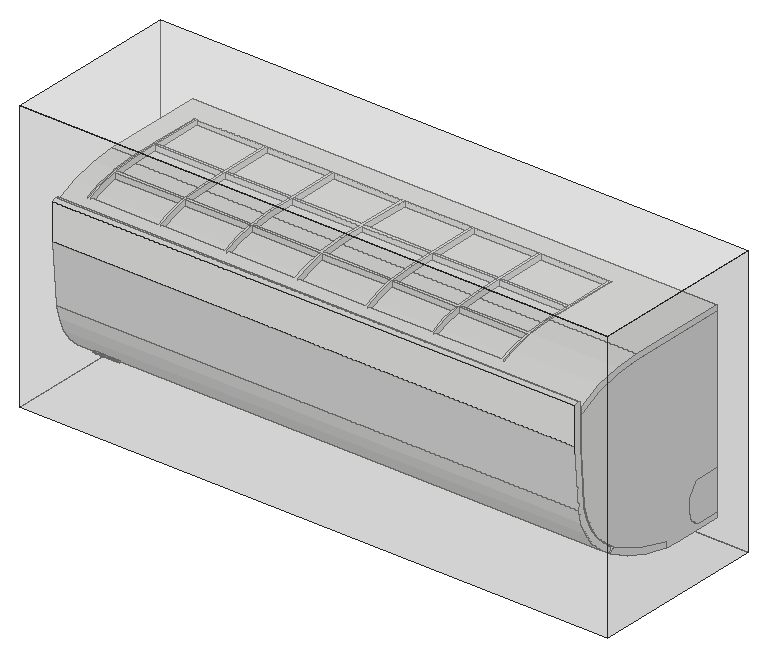
Revit family "outputfile", category 機械設備, Revit 2024
Family settings
  丸型コネクタ寸法 = 半径を使用
  パーツ タイプ = 標準
  OmniClass 番号 = 23.75.10.24.21.27.27
  OmniClass タイトル = Split System Air Conditioning Units
  作業面ベース = いいえ
  常に垂直 = はい
  ロード時にボイドで切り取り = いいえ
  注釈の向きを維持 = いいえ
  共有 = いいえ
  部屋計算ポイント = いいえ
Parameters (values of type "FXAQ25AVM")
  Description = ""
  製造元 = "Daikin"
  書き出し IFC クラス(タイプ) = "IfcUnitaryEquipmentType"
  定義済み IFC タイプ(タイプ) = "AIRCONDITIONINGUNIT"
  Cost = 0
  モデル = "FXAQ25AVM"
  Type Comments = ""
  Keynote = ""
  Type Image = (empty or 0)
  Assembly Code = ""
  w3_Indoor air flow = if(Width = 1050.0 mm, 109.0 mm, 1.0 mm)  # 1.0 mm
  w2_Indoor air flow = if(Width = 1050.0 mm, 103.0 mm, 98.0 mm)  # 98.0 mm
  w1_Indoor air flow = if(Width = 1050.0 mm, 108.0 mm, 103.0 mm)  # 103.0 mm
  r_Liquid Pipe Size = Liquid Pipe Size / 2  # 3.2 mm
  r_Gas Pipe Size = Gas Pipe Size / 2  # 6.35 mm
  r_Drain Pipe Size = Drain Pipe Size / 2  # 7.5 mm
  lw_powersupply [instance] = if(Width = 795.0 mm, if(or(Rear Right Connection_refrigerant, Bottom Right Connection_refrigerant), 83.0 mm, if(or(Rear Left Connection_refrigerant, Bottom Left Connection_refrigerant), 740.0 mm, 400.0 mm)), if(Width = 1050.0 mm, if(or(Rear Right Connection_refrigerant, Bottom Right Connection_refrigerant), 83.0 mm, if(or(Rear Left Connection_refrigerant, Bottom Left Connection_refrigerant), 712.0 mm + (1050.0 mm - 795.0 mm), 400.0 mm)), if(or(Rear Right Connection_refrigerant, Bottom Right Connection_refrigerant), 83.0 mm, if(or(Rear Left Connection_refrigerant, Bottom Left Connection_refrigerant), 712.0 mm, 400.0 mm))))  # 400.0 mm
  lw_liquidpipe [instance] = if(Width = 795.0 mm, if(or(Rear Right Connection_refrigerant, Bottom Right Connection_refrigerant), 0.0 mm, if(or(Rear Left Connection_refrigerant, Bottom Left Connection_refrigerant), 627.0 mm, 460.0 mm)), if(Width = 1050.0 mm, if(or(Rear Right Connection_refrigerant, Bottom Right Connection_refrigerant), 0.0 mm, if(or(Rear Left Connection_refrigerant, Bottom Left Connection_refrigerant), 627.0 mm + (1050.0 mm - 795.0 mm), 460.0 mm)), if(or(Rear Right Connection_refrigerant, Bottom Right Connection_refrigerant), 0.0 mm, if(or(Rear Left Connection_refrigerant, Bottom Left Connection_refrigerant), 627.0 mm, 460.0 mm))))  # 460.0 mm
  lw_gaspipe [instance] = if(Width = 795.0 mm, if(or(Rear Right Connection_refrigerant, Bottom Right Connection_refrigerant), 0.0 mm, if(or(Rear Left Connection_refrigerant, Bottom Left Connection_refrigerant), 620.0 mm, 415.0 mm)), if(Width = 1050.0 mm, if(or(Rear Right Connection_refrigerant, Bottom Right Connection_refrigerant), 0.0 mm, if(or(Rear Left Connection_refrigerant, Bottom Left Connection_refrigerant), 620.0 mm + (1050.0 mm - 795.0 mm), 415.0 mm)), if(or(Rear Right Connection_refrigerant, Bottom Right Connection_refrigerant), 0.0 mm, if(or(Rear Left Connection_refrigerant, Bottom Left Connection_refrigerant), 620.0 mm, 415.0 mm))))  # 415.0 mm
  lw_drainpipe [instance] = if(Width = 795.0 mm, if(or(Rear Right Connection_refrigerant, Bottom Right Connection_refrigerant), 0.0 mm, if(or(Rear Left Connection_refrigerant, Bottom Left Connection_refrigerant), 655.0 mm, 475.0 mm)), if(Width = 1050.0 mm, if(or(Rear Right Connection_refrigerant, Bottom Right Connection_refrigerant), 0.0 mm, if(or(Rear Left Connection_refrigerant, Bottom Left Connection_refrigerant), 655.0 mm + (1050.0 mm - 795.0 mm), 475.0 mm)), if(or(Rear Right Connection_refrigerant, Bottom Right Connection_refrigerant), 0.0 mm, if(or(Rear Left Connection_refrigerant, Bottom Left Connection_refrigerant), 655.0 mm, 475.0 mm))))  # 475.0 mm
  l_powersupply_length [instance] = if(Width = 795.0 mm, if(Right Connection_refrigerant, 400.0 mm, if(Left Connection_refrigerant, 395.0 mm, if(or(Rear Left Connection_refrigerant, Rear Right Connection_refrigerant), 15.0 mm, 50.0 mm))), if(Width = 1050.0 mm, if(Right Connection_refrigerant, 400.0 mm, if(Left Connection_refrigerant, 395.0 mm + (1050.0 mm - 795.0 mm), if(or(Rear Left Connection_refrigerant, Rear Right Connection_refrigerant), 15.0 mm, 50.0 mm))), if(Right Connection_refrigerant, 400.0 mm, if(Left Connection_refrigerant, 395.0 mm, if(or(Rear Left Connection_refrigerant, Rear Right Connection_refrigerant), 15.0 mm, 50.0 mm)))))  # 400.0 mm
  l_liquidpipe_length [instance] = if(Width = 795.0 mm, if(Right Connection_refrigerant, 558.0 mm, if(Left Connection_refrigerant, 237.0 mm, if(or(Rear Left Connection_refrigerant, Rear Right Connection_refrigerant), 30.0 mm, 40.0 mm))), if(Width = 1050.0 mm, if(Right Connection_refrigerant, 558.0 mm, if(Left Connection_refrigerant, 237.0 mm + (1050.0 mm - 795.0 mm), if(or(Rear Left Connection_refrigerant, Rear Right Connection_refrigerant), 30.0 mm, 40.0 mm))), if(Right Connection_refrigerant, 558.0 mm, if(Left Connection_refrigerant, 237.0 mm, if(or(Rear Left Connection_refrigerant, Rear Right Connection_refrigerant), 30.0 mm, 40.0 mm)))))  # 558.0 mm
  l_gaspipe_length [instance] = if(Width = 795.0 mm, if(Right Connection_refrigerant, 513.0 mm, if(Left Connection_refrigerant, 282.0 mm, if(or(Rear Left Connection_refrigerant, Rear Right Connection_refrigerant), 40.0 mm, 50.0 mm))), if(Width = 1050.0 mm, if(Right Connection_refrigerant, 513.0 mm, if(Left Connection_refrigerant, 282.0 mm + (1050.0 mm - 795.0 mm), if(or(Rear Left Connection_refrigerant, Rear Right Connection_refrigerant), 40.0 mm, 50.0 mm))), if(Right Connection_refrigerant, 513.0 mm, if(Left Connection_refrigerant, 282.0 mm, if(or(Rear Left Connection_refrigerant, Rear Right Connection_refrigerant), 40.0 mm, 50.0 mm)))))  # 513.0 mm
  l_drainpipe_length [instance] = if(Width = 795.0 mm, if(Right Connection_refrigerant, 573.0 mm, if(Left Connection_refrigerant, 222.0 mm, if(or(Rear Left Connection_refrigerant, Rear Right Connection_refrigerant), 15.0 mm, 20.0 mm))), if(Width = 1050.0 mm, if(Right Connection_refrigerant, 573.0 mm, if(Left Connection_refrigerant, 222.0 mm + (1050.0 mm - 795.0 mm), if(or(Rear Left Connection_refrigerant, Rear Right Connection_refrigerant), 15.0 mm, 20.0 mm))), if(Right Connection_refrigerant, 573.0 mm, if(Left Connection_refrigerant, 477.0 mm, if(or(Rear Left Connection_refrigerant, Rear Right Connection_refrigerant), 15.0 mm, 20.0 mm)))))  # 573.0 mm
  h*** = 0.0 mm  # constant formula
  d1_Indoor air flow = if(Width = 1050.0 mm, 38.0 mm, 35.0 mm)  # 35.0 mm
  angle_vertical [instance] = if(or(Bottom Left Connection_refrigerant, Bottom Right Connection_refrigerant), 0.00°, 90.00°)  # 90.00°
  angle_horizontal [instance] = if(Right Connection_refrigerant, 90.00°, if(Left Connection_refrigerant, -90.00°, if(or(Rear Left Connection_refrigerant, Rear Right Connection_refrigerant), 180.00°, 0.00°)))  # 90.00°
  Width = 795.0 mm
  Voltage_comment_60Hz = "220-230"
  Voltage_comment_50Hz = "220-240"
  Voltage_60Hz = 220 V
  Voltage_50Hz = 230 V
  Version = "ver.1.0"
  Unit Type = "Wall Mounted Type"
  Unit Mass Weight = 12.00 kg
  Unit Designation [instance] = ""
  Uniclass2015Version = "Products v1.30"
  Uniclass2015Title = "Variable refrigerant flow units"
  Uniclass2015Code = "Pr_70_65_03_94"
  URL = ""
  Total Heating Capacity [instance] = 0.000 kW
  Total Cooling Capacity [instance] = 0.000 kW
  Sound Pressure Level_M speed (dBA) = 0
  Sound Pressure Level_L speed (dBA) = 28.5
  Sound Pressure Level_H speed (dBA) = 35
  Sound Power Level_H speed (dB) = 0
  Series = "VRV Fan Coil Unit"
  Sensible Cooling Capacity [instance] = 0.000 kW
  Refrigerant Type = "R410A"
  Power Input (Heating) = 0.040 kW
  Power Input (Cooling) = 0.040 kW
  Phase_60Hz = 1
  Phase_50Hz = 1
  Option Accessory 3 [instance] = ""
  Option Accessory 2 [instance] = ""
  Option Accessory 1 [instance] = ""
  Nominal Heating Capacity = 3.200 kW
  Nominal Cooling Capacity = 2.800 kW
  Minimum Circuit Amps_60Hz = 0.6 A
  Minimum Circuit Amps_50Hz = 0.6 A
  Minimum Airflow = 420.00 m³/h
  Median Airflow = 0.00 m³/h
  Maximum Fuse Amps_60Hz = 15.0 A
  Maximum Fuse Amps_50Hz = 15.0 A
  Maximum Airflow = 564.00 m³/h
  Material_Casing = DAIKIN_White_Casing_indoorunit
  Load Classification = HVAC
  Liquid Pipe Size = 6.4 mm
  Link_Nested Family [instance] = ""
  IfcVersion = "0"
  IfcExportType = "AIRCONDITIONINGUNIT"
  IfcExportAs = "IfcUnitaryEquipmentType"
  Height = 290.0 mm
  Heating Entering Wet Bulb Temperature [instance] = 0.00 °C
  Heating Entering Dry Bulb Temperature [instance] = 0.00 °C
  Heating Ambient Wet Bulb Temperature [instance] = 0.00 °C
  Heating Ambient Dry Bulb Temperature [instance] = 0.00 °C
  Heat Exchanger Type = "Cross Fin Coil"
  Gas Pipe Size = 12.7 mm
  Frequency_60Hz = 60 Hz
  Frequency_50Hz = 50 Hz
  Fan Type = "Cross Flow Fan"
  Fan Drive = "Direct Drive"
  FCU Tag No. [instance] = ""
  Drain Pipe Size = 15.0 mm
  Design Supply Airflow [instance] = 0.00 m³/h
  Depth = 266.0 mm
  既定の高さ = 0.0 mm
  Cooling Entering Wet Bulb Temperature [instance] = 0.00 °C
  Cooling Entering Dry Bulb Temperature [instance] = 0.00 °C
  Cooling Ambient Wet Bulb Temperature [instance] = 0.00 °C
  Cooling Ambient Dry Bulb Temperature [instance] = 0.00 °C
  Clearance visibility [instance] = yes
  Clearance Top = 90.0 mm
  Clearance Right = 50.0 mm
  Clearance Rear = 0.0 mm
  Clearance Left = 50.0 mm
  Clearance Front = 0.0 mm
  Clearance Bottom = 30.0 mm
  Bottom Right Connection_refrigerant [instance] = no
  Bottom Left Connection_refrigerant [instance] = no
  Rear Right Connection_refrigerant [instance] = no
  Rear Left Connection_refrigerant [instance] = no
  Right Connection_refrigerant [instance] = yes
  Left Connection_refrigerant [instance] = no
Reference planes
  plane 1 "Back": y = 0
  plane 2: z = 0
  plane 3 "Center (Left/Right)": x = 0
  plane 4 "Center (Front/Back)": y = -133
  plane 5 "Front": y = -266
  plane 6 "Left": x = -397.5
  plane 7 "Right": x = 397.5
  plane 8 "Top": z = 0
  plane 9 "Bottom": z = -290
  plane 10 "Front panel_Left": x = -395.5
  plane 11 "Front panel_Right": x = 395.5
  plane 12: x = 261.5
  plane 13: x = 256.5
  plane 14: x = -445.5
  plane 15: x = 445.5
  plane 16: y = 0
  plane 17: y = -266
  plane 18: z = 90
  plane 19: z = -320
  plane 20: y = -35
  plane 21: y = -111.5
  plane 22: y = -187.5
  plane 23: y = -237
  plane 24: y = -115
  plane 25: y = -191
  plane 26: x = -50
  plane 27: x = -52
  plane 28: x = -48
  plane 29: x = 55
  plane 30: x = -155
  plane 31: x = -158
  plane 32: x = 58
  plane 33: x = -256
  plane 34: x = 156
  plane 35: x = -259
  plane 36: x = 159
  plane 37: x = -362
  plane 38: x = 262
  plane 39: x = -365
  plane 40: x = 265
  plane 41: x = 266
  plane 42: x = -366
  plane 43 "lw_Piping and Wiring intake": x = 299.5
  plane 44 "lw_gaspipe": x = -115.5
  plane 45 "lw_liquidpipe": x = -160.5
  plane 46 "lw_drainpipe": x = -175.5
  plane 47 "lh_drainpipe": z = -270
  plane 48 "lh_liquidpipe": z = -250
  plane 49 "lh_gaspipe": z = -240
  plane 50 "ld_drainpipe": y = -15
  plane 51 "ld_liquidpipe": y = -30
  plane 52 "ld_gaspipe": y = -40
  plane 53 "lw_powersupply": x = -2.5
Forms (mm)
  Extrusion 1, solid, material "DAIKIN_White_Casing_indoorunit" <- "Material_Casing"
    sketch origin (0, 0, 0) x (0, 1, 0) y (0, 0, 1)
      loop
        line (0, 0) -> (-151.682, 0)
        arc (-151.682, 0) -> (-205.302, -6.828) -> (-255.5, -26.876) r 213.958
        line (-255.5, -26.876) -> (-255.5, -36.08)
        arc (-255.5, -36.08) -> (-205.456, -15.144) -> (-151.682, -8) r 205.958
        line (-151.682, -8) -> (0, -8) -> (0, 0)
    from -397.5 to 397.5
  Extrusion 2, solid, material "DAIKIN_White_Casing_indoorunit" <- "Material_Casing"
    sketch origin (0, 0, 0) x (0, 1, 0) y (0, 0, 1)
      loop
        arc (-151.682, -8) -> (-205.456, -15.144) -> (-255.5, -36.08) r 205.958
        line (-255.5, -36.08) -> (-255.5, -86.08)
        arc (-255.5, -86.08) -> (-253.87, -125.667) -> (-248.99, -164.986) r 481.435
        arc (-248.99, -164.986) -> (-230.945, -209.78) -> (-195.65, -242.741) r 111.486
        arc (-195.65, -242.741) -> (-147.09, -265.96) -> (-95.247, -280.433) r 310.126
        line (-95.247, -280.433) -> (-95.247, -288.232)
        arc (-95.247, -288.232) -> (-84.534, -289.557) -> (-73.748, -290) r 131.592
        line (-73.748, -290) -> (0, -290) -> (0, -8) -> (-151.682, -8)
    from -397.5 to 397.5
  Extrusion 3, solid, material "DAIKIN_White_Casing_indoorunit" <- "Material_Casing"
    sketch origin (397.5, 1296.25, 1200) x (0, 1, 0) y (0, 0, 1)
      loop
        line (-1491.901, -1442.741) -> (-1496.494, -1450.482)
        arc (-1496.494, -1450.482) -> (-1447.058, -1474.911) -> (-1393.497, -1488.023) r 252.452
        line (-1393.497, -1488.023) -> (-1393.497, -1480.051)
        arc (-1393.497, -1480.051) -> (-1444.293, -1465.6) -> (-1491.901, -1442.741) r 310.126
    from 0 to -40.5
  Extrusion 4, solid, material "DAIKIN_White_Casing_indoorunit" <- "Material_Casing"
    sketch origin (0, 0, 0) x (0, 1, 0) y (0, 0, 1)
      loop
        line (-257, -76.896) -> (-257, -19.457) -> (-258.688, -19.457)
        arc (-258.688, -19.457) -> (-262.551, -20.17) -> (-266, -22.048) r 12.48
        line (-266, -22.048) -> (-266, -76.896) -> (-257, -76.896)
    from -395.5 to 395.5
  Extrusion 5, solid, material "DAIKIN_White_Casing_indoorunit" <- "Material_Casing"
    sketch origin (0, 0, 0) x (0, 1, 0) y (0, 0, 1)
      loop
        arc (-266, -76.896) -> (-264.342, -121.828) -> (-259.378, -166.517) r 609.735
        line (-259.378, -166.517) -> (-250.471, -165.192)
        arc (-250.471, -165.192) -> (-255.366, -121.165) -> (-257, -76.896) r 600.314
        line (-257, -76.896) -> (-266, -76.896)
    from -395.5 to 395.5
  Extrusion 6, solid, material "DAIKIN_White_Casing_indoorunit" <- "Material_Casing"
    sketch origin (0, 0, 0) x (0, 1, 0) y (0, 0, 1)
      loop
        arc (-259.378, -166.517) -> (-240.331, -214.672) -> (-201.947, -249.433) r 114
        line (-201.947, -249.433) -> (-197.324, -241.643)
        arc (-197.324, -241.643) -> (-232.845, -209.638) -> (-250.471, -165.192) r 104.894
        line (-250.471, -165.192) -> (-259.378, -166.517)
    from -395.5 to 395.5
  Extrusion 7, solid, material "DAIKIN_White_Casing_indoorunit" <- "Material_Casing"
    sketch origin (-397.5, 1296.25, 1200) x (0, 1, 0) y (0, 0, 1)
      loop
        arc (-1496.494, -1450.482) -> (-1447.058, -1474.911) -> (-1393.497, -1488.023) r 252.452
        line (-1393.497, -1488.023) -> (-1393.497, -1480.051)
        arc (-1393.497, -1480.051) -> (-1444.293, -1465.6) -> (-1491.901, -1442.741) r 310.126
        line (-1491.901, -1442.741) -> (-1496.494, -1450.482)
    from 0 to 40.5
  Extrusion 8, solid, material "DAIKIN_White_Casing_indoorunit" <- "Material_Casing"
    sketch origin (0, 0, 0) x (0, 1, 0) y (0, 0, 1)
      loop
        arc (-133.049, -280.649) -> (-115.282, -284.985) -> (-97.247, -288.023) r 252.452
        line (-97.247, -288.023) -> (-97.247, -280.051)
        arc (-97.247, -280.051) -> (-113.907, -276.335) -> (-130.338, -271.708) r 310.126
        line (-130.338, -271.708) -> (-133.049, -280.649)
    from -357 to 357
  Extrusion 9, solid, material "DAIKIN_White_Casing_indoorunit" <- "Material_Casing"
    sketch origin (261.5, -1524, 1789.769) x (0, 0, 1) y (0, -1, 0)
      loop
        line (-2032.51, -1328.35) -> (-2040.251, -1323.756)
        arc (-2040.251, -1323.756) -> (-2050.358, -1341.058) -> (-2059.061, -1359.107) r 252.452
        line (-2059.061, -1359.107) -> (-2050.603, -1364.126)
        arc (-2050.603, -1364.126) -> (-2042.135, -1345.945) -> (-2032.51, -1328.35) r 310.126
    from 0 to 95.5
  Extrusion 10, solid, material "DAIKIN_White_Casing_indoorunit" <- "Material_Casing"
    sketch origin (261.5, -1524, 1789.769) x (0, 0, 1) y (0, -1, 0)
      loop
        arc (-2059.061, -1359.107) -> (-2065.273, -1374.839) -> (-2070.418, -1390.951) r 252.452
        line (-2070.418, -1390.951) -> (-2061.477, -1393.662)
        arc (-2061.477, -1393.662) -> (-2056.415, -1378.756) -> (-2050.603, -1364.126) r 310.126
        line (-2050.603, -1364.126) -> (-2059.061, -1359.107)
    from 0 to 95.5
  Extrusion 11, solid, material "DAIKIN_White_Casing_indoorunit" <- "Material_Casing"
    sketch origin (256.5, -1524, 1089.438) x (0, 0, 1) y (0, -1, 0)
      loop
        arc (-1350.272, -1364.126) -> (-1341.805, -1345.945) -> (-1332.179, -1328.35) r 310.126
        line (-1332.179, -1328.35) -> (-1339.92, -1323.756)
        arc (-1339.92, -1323.756) -> (-1350.027, -1341.058) -> (-1358.73, -1359.107) r 252.452
        line (-1358.73, -1359.107) -> (-1350.272, -1364.126)
    from 0 to -613.5
  Extrusion 12, solid, material "DAIKIN_White_Casing_indoorunit" <- "Material_Casing"
    sketch origin (256.5, -1524, 1089.438) x (0, 0, 1) y (0, -1, 0)
      loop
        arc (-1361.147, -1393.662) -> (-1356.085, -1378.756) -> (-1350.272, -1364.126) r 310.126
        line (-1350.272, -1364.126) -> (-1358.73, -1359.107)
        arc (-1358.73, -1359.107) -> (-1364.943, -1374.839) -> (-1370.087, -1390.951) r 252.452
        line (-1370.087, -1390.951) -> (-1361.147, -1393.662)
    from 0 to -613.5
  Extrusion 13, void
    sketch origin (0, 0, 0) x (-1, 0, 0) y (0, -1, 0)
      loop
        line (48, 35) -> (48, 111.5) -> (-55, 111.5) -> (-55, 35) -> (48, 35)
      loop
        line (-58, 35) -> (-58, 111.5) -> (-156, 111.5) -> (-156, 35) -> (-58, 35)
      loop
        line (-159, 35) -> (-159, 111.5) -> (-262, 111.5) -> (-262, 35) -> (-159, 35)
      loop
        line (-265, 35) -> (-265, 111.5) -> (-266, 111.5) -> (-266, 35) -> (-265, 35)
      loop
        line (155, 35) -> (155, 111.5) -> (52, 111.5) -> (52, 35) -> (155, 35)
      loop
        line (-265, 115) -> (-265, 187.5) -> (-266, 187.5) -> (-266, 115) -> (-265, 115)
      loop
        line (-265, 191) -> (-265, 237) -> (-266, 237) -> (-266, 191) -> (-265, 191)
      loop
        line (-159, 237) -> (-262, 237) -> (-262, 191) -> (-159, 191) -> (-159, 237)
      loop
        line (-58, 237) -> (-156, 237) -> (-156, 191) -> (-58, 191) -> (-58, 237)
      loop
        line (-55, 191) -> (48, 191) -> (48, 237) -> (-55, 237) -> (-55, 191)
      loop
        line (155, 237) -> (52, 237) -> (52, 191) -> (155, 191) -> (155, 237)
      loop
        line (256, 237) -> (158, 237) -> (158, 191) -> (256, 191) -> (256, 237)
      loop
        line (362, 237) -> (259, 237) -> (259, 191) -> (362, 191) -> (362, 237)
      loop
        line (158, 35) -> (256, 35) -> (256, 111.5) -> (158, 111.5) -> (158, 35)
      loop
        line (259, 35) -> (362, 35) -> (362, 111.5) -> (259, 111.5) -> (259, 35)
      loop
        line (362, 115) -> (362, 187.5) -> (259, 187.5) -> (259, 115) -> (362, 115)
      loop
        line (256, 115) -> (256, 187.5) -> (158, 187.5) -> (158, 115) -> (256, 115)
      loop
        line (155, 115) -> (155, 187.5) -> (52, 187.5) -> (52, 115) -> (155, 115)
      loop
        line (48, 115) -> (48, 187.5) -> (-55, 187.5) -> (-55, 115) -> (48, 115)
      loop
        line (-58, 115) -> (-58, 187.5) -> (-156, 187.5) -> (-156, 115) -> (-58, 115)
      loop
        line (-159, 115) -> (-159, 187.5) -> (-262, 187.5) -> (-262, 115) -> (-159, 115)
      loop
        line (365, 35) -> (366, 35) -> (366, 111.5) -> (365, 111.5) -> (365, 35)
      loop
        line (366, 115) -> (366, 187.5) -> (365, 187.5) -> (365, 115) -> (366, 115)
      loop
        line (366, 237) -> (365, 237) -> (365, 191) -> (366, 191) -> (366, 237)
    from 2 to -30
  Extrusion 14, solid, material "DAIKIN_White_Casing_indoorunit" <- "Material_Casing"
    sketch origin (0, 0, 0) x (1, 0, 0) y (0, 0, 1)
      loop
        circle (299.5, -246) r 40
      loop
        circle (-337.5, -246) r 40
    from 0 to 5
  Extrusion 15, solid, material "DAIKIN_White_Casing_indoorunit" <- "Material_Casing"
    sketch origin (397.5, 1296.25, 1200) x (0, -1, 0) y (0, 0, 1)
      loop
        line (1326.25, -1422) -> (1296.25, -1422) -> (1296.25, -1482) -> (1326.25, -1482)
        arc (1326.25, -1482) -> (1340.393, -1476.142) -> (1346.25, -1462) r 20
        line (1346.25, -1462) -> (1346.25, -1442)
        arc (1346.25, -1442) -> (1340.393, -1427.858) -> (1326.25, -1422) r 20
    from 0 to 5
  Extrusion 16, solid, material "DAIKIN_White_Casing_indoorunit" <- "Material_Casing"
    sketch origin (-397.5, 1296.25, 1200) x (0, 1, 0) y (0, 0, 1)
      loop
        line (-1296.25, -1422) -> (-1326.25, -1422)
        arc (-1326.25, -1422) -> (-1340.393, -1427.858) -> (-1346.25, -1442) r 20
        line (-1346.25, -1442) -> (-1346.25, -1462)
        arc (-1346.25, -1462) -> (-1340.393, -1476.142) -> (-1326.25, -1482) r 20
        line (-1326.25, -1482) -> (-1296.25, -1482) -> (-1296.25, -1422)
    from 0 to 5
  Extrusion 17, solid, material "DAIKIN_White_Casing_indoorunit" <- "Material_Casing"
    sketch origin (0, 0, -290) x (-1, 0, 0) y (0, -1, 0)
      loop
        line (-269.5, 0) -> (-269.5, 30)
        arc (-269.5, 30) -> (-275.358, 44.142) -> (-289.5, 50) r 20
        line (-289.5, 50) -> (-309.5, 50)
        arc (-309.5, 50) -> (-323.642, 44.142) -> (-329.5, 30) r 20
        line (-329.5, 30) -> (-329.5, 0) -> (-269.5, 0)
      loop
        line (367.5, 0) -> (367.5, 30)
        arc (367.5, 30) -> (361.642, 44.142) -> (347.5, 50) r 20
        line (347.5, 50) -> (327.5, 50)
        arc (327.5, 50) -> (313.358, 44.142) -> (307.5, 30) r 20
        line (307.5, 30) -> (307.5, 0) -> (367.5, 0)
    from 0 to 5
Cuts and joins
  joined: Extrusion 4, Extrusion 5, Extrusion 6
  joined: Extrusion 3, Extrusion 7, Extrusion 8
  Extrusion 13 cuts Extrusion 1
Lines and regions (mm)
  reference lines
    curve 1: line (-395.5, -227.394, -229.966) -> (-395.5, -220.117, -236.824)
Dimensions and locks
  equal spacing: plane 6 "Left", plane 3 "Center (Left/Right)", plane 7 "Right"
  "Width": plane 6 "Left" to plane 7 "Right"
  equal spacing: plane 5 "Front", plane 4 "Center (Front/Back)", plane 1 "Back"
  "Depth": plane 5 "Front" to plane 1 "Back"
  "Height": plane 8 "Top" to plane 9 "Bottom"
  locked: Extrusion 1 sketch curve to Extrusion 1 sketch curve at 8
  locked: Extrusion 2 sketch curve to plane 1 "Back" at 73.748
  locked: Extrusion 3 sketch curve to plane 1 "Back" at 97.247
  locked: Extrusion 4 sketch curve to Extrusion 4 sketch curve at 9
  locked: plane 8 "Top" to Extrusion 4 sketch curve at 19.457
  locked: plane 5 "Front" to Extrusion 6 sketch curve at 6.622
  locked: plane 5 "Front" to Extrusion 6 sketch curve at 15.529
  locked: plane 10 "Front panel_Left" to plane 6 "Left" at 2
  locked: plane 7 "Right" to plane 11 "Front panel_Right" at 2
  locked: cut or joined group of Extrusion 3, Extrusion 7, Extrusion 8 to Extrusion 9 sketch curve at 40
  locked: plane 7 "Right" to plane 12 at 136
  locked: plane 12 to plane 13 at 5
  "Clearance Left": plane 14 to plane 10 "Front panel_Left"
  "Clearance Right": plane 11 "Front panel_Right" to plane 15
  "Clearance Rear": plane 16 to plane 1 "Back"
  "Clearance Front": plane 17 to plane 5 "Front"
  "Clearance Top": plane 18 to plane 8 "Top"
  "Clearance Bottom": plane 9 "Bottom" to plane 19
  locked: nested 2 to plane 10 "Front panel_Left" at 50
  "d1_Indoor air flow": plane 20 to plane 1 "Back"
  locked: plane 20 to plane 21 at 76.5
  locked: plane 21 to plane 24 at 3.5
  locked: plane 24 to plane 22 at 72.5
  locked: plane 22 to plane 25 at 3.5
  locked: plane 25 to plane 23 at 46
  locked: plane 26 to plane 3 "Center (Left/Right)" at 50
  equal spacing: plane 27, plane 26, plane 28
  locked: plane 27 to plane 28 at 4
  "w1_Indoor air flow": plane 28 to plane 29
  "w1_Indoor air flow": plane 30 to plane 27
  locked: plane 31 to plane 30 at 3
  locked: plane 29 to plane 32 at 3
  "w2_Indoor air flow": plane 33 to plane 31
  "w2_Indoor air flow": plane 32 to plane 34
  locked: plane 35 to plane 33 at 3
  locked: plane 34 to plane 36 at 3
  locked: plane 37 to plane 35 at 103
  locked: plane 36 to plane 38 at 103
  locked: plane 39 to plane 37 at 3
  locked: plane 38 to plane 40 at 3
  "w3_Indoor air flow": plane 40 to plane 41
  "w3_Indoor air flow": plane 42 to plane 39
  locked: plane 9 "Bottom" to Extrusion 14 sketch curve at 44  (x2)
  locked: Extrusion 14 sketch curve to plane 6 "Left" at 60
  locked: plane 7 "Right" to Extrusion 14 sketch curve at 98
  locked: plane 43 "lw_Piping and Wiring intake" to plane 7 "Right" at 98
  "lw_gaspipe": plane 44 "lw_gaspipe" to plane 43 "lw_Piping and Wiring intake"
  "lw_liquidpipe": plane 45 "lw_liquidpipe" to plane 43 "lw_Piping and Wiring intake"
  "lw_drainpipe": plane 46 "lw_drainpipe" to plane 43 "lw_Piping and Wiring intake"
  locked: plane 47 "lh_drainpipe" to plane 9 "Bottom" at 20
  locked: plane 48 "lh_liquidpipe" to plane 9 "Bottom" at 40
  locked: plane 49 "lh_gaspipe" to plane 9 "Bottom" at 50
  locked: plane 50 "ld_drainpipe" to plane 1 "Back" at 15
  locked: plane 1 "Back" to plane 51 "ld_liquidpipe" at 30
  locked: plane 1 "Back" to plane 52 "ld_gaspipe" at 40
  Extrusion 15 sketch curve to Extrusion 15 sketch curve to plane 9 "Bottom" = 60.0 mm locked, 8.0 mm locked
  locked: Extrusion 15 sketch curve to Extrusion 15 sketch curve at 50
  locked: Extrusion 17 sketch curve to Extrusion 17 sketch curve at 60  (x2)
  locked: Extrusion 17 sketch curve to Extrusion 17 sketch curve at 50
  locked: Extrusion 17 sketch curve to plane 43 "lw_Piping and Wiring intake" at 30
  locked: plane 6 "Left" to Extrusion 17 sketch curve at 30
  "lw_powersupply": plane 53 "lw_powersupply" to plane 7 "Right"
  radius of Extrusion 5 sketch curve = 609.735 mm
  radius of Extrusion 5 sketch curve = 600.314 mm
  aligned and locked: level to plane 2
  aligned and locked: plane 8 "Top" to Extrusion 1 sketch curve
  aligned and locked: plane 1 "Back" to Extrusion 1 sketch curve
  aligned and locked: Extrusion 1 to plane 6 "Left"
  aligned and locked: plane 7 "Right" to Extrusion 1
  aligned and locked: Extrusion 2 sketch curve to Extrusion 1
  aligned and locked: Extrusion 1 to Extrusion 2 sketch curve
  aligned and locked: plane 1 "Back" to Extrusion 2 sketch curve
  aligned and locked: Extrusion 2 sketch curve to plane 9 "Bottom"
  aligned and locked: Extrusion 2 to plane 6 "Left"
  aligned and locked: plane 7 "Right" to Extrusion 2
  aligned and locked: Extrusion 3 sketch curve to Extrusion 2
  aligned and locked: plane 5 "Front" to Extrusion 4 sketch curve
  aligned and locked: Extrusion 5 sketch curve to Extrusion 4
  aligned and locked: Extrusion 6 sketch curve to Extrusion 5
  aligned and locked: cut or joined group of Extrusion 4, Extrusion 5, Extrusion 6 to plane 11 "Front panel_Right"  (x3)
  aligned and locked: plane 10 "Front panel_Left" to cut or joined group of Extrusion 4, Extrusion 5, Extrusion 6  (x3)
  aligned and locked: Extrusion 7 sketch curve to Extrusion 3  (x4)
  aligned and locked: Extrusion 8 sketch curve to Extrusion 3  (x3)
  aligned and locked: Extrusion 8 to Extrusion 3
  aligned and locked: Extrusion 8 to Extrusion 7
  aligned and locked: Extrusion 9 sketch curve to cut or joined group of Extrusion 3, Extrusion 7, Extrusion 8  (x3)
  aligned and locked: Extrusion 10 sketch curve to cut or joined group of Extrusion 3, Extrusion 7, Extrusion 8  (x3)
  aligned and locked: Extrusion 10 sketch curve to Extrusion 9
  aligned and locked: Extrusion 9 to cut or joined group of Extrusion 3, Extrusion 7, Extrusion 8
  aligned and locked: Extrusion 10 to cut or joined group of Extrusion 3, Extrusion 7, Extrusion 8
  aligned and locked: Extrusion 11 sketch curve to Extrusion 9  (x4)
  aligned and locked: Extrusion 11 to cut or joined group of Extrusion 3, Extrusion 7, Extrusion 8
  aligned and locked: Extrusion 12 sketch curve to Extrusion 10  (x4)
  aligned and locked: Extrusion 12 to cut or joined group of Extrusion 3, Extrusion 7, Extrusion 8
  aligned and locked: plane 16 to nested 1
  aligned and locked: nested 1 to plane 17
  aligned and locked: plane 14 to nested 1
  aligned and locked: plane 15 to nested 1
  aligned and locked: plane 19 to nested 1
  aligned and locked: plane 18 to nested 1
  aligned and locked: nested 2 to curve 1
  aligned and locked: Extrusion 13 sketch curve to plane 20  (x5)
  aligned and locked: plane 28 to Extrusion 13 sketch curve  (x2)
  aligned and locked: plane 21 to Extrusion 13 sketch curve  (x5)
  aligned and locked: Extrusion 13 sketch curve to plane 29  (x2)
  aligned and locked: plane 32 to Extrusion 13 sketch curve  (x2)
  aligned and locked: Extrusion 13 sketch curve to plane 34  (x2)
  aligned and locked: plane 36 to Extrusion 13 sketch curve  (x2)
  aligned and locked: Extrusion 13 sketch curve to plane 38  (x2)
  aligned and locked: plane 40 to Extrusion 13 sketch curve  (x3)
  aligned and locked: Extrusion 13 sketch curve to plane 41  (x3)
  aligned and locked: plane 30 to Extrusion 13 sketch curve  (x2)
  aligned and locked: Extrusion 13 sketch curve to plane 27  (x2)
  aligned and locked: Extrusion 13 sketch curve to plane 24  (x8)
  aligned and locked: plane 22 to Extrusion 13 sketch curve  (x8)
  aligned and locked: Extrusion 13 sketch curve to plane 25
  aligned and locked: plane 23 to Extrusion 13 sketch curve
  aligned and locked: Extrusion 13 sketch curve to plane 23  (x7)
  aligned and locked: Extrusion 13 sketch curve to plane 36
  aligned and locked: plane 25 to Extrusion 13 sketch curve  (x7)
  aligned and locked: plane 38 to Extrusion 13 sketch curve
  aligned and locked: Extrusion 13 sketch curve to plane 32
  aligned and locked: plane 34 to Extrusion 13 sketch curve
  aligned and locked: plane 29 to Extrusion 13 sketch curve
  aligned and locked: Extrusion 13 sketch curve to plane 28
  aligned and locked: Extrusion 13 sketch curve to plane 30
  aligned and locked: plane 27 to Extrusion 13 sketch curve
  aligned and locked: Extrusion 13 sketch curve to plane 33  (x2)
  aligned and locked: plane 31 to Extrusion 13 sketch curve  (x2)
  aligned and locked: Extrusion 13 sketch curve to plane 37  (x2)
  aligned and locked: plane 35 to Extrusion 13 sketch curve  (x2)
  aligned and locked: plane 20 to Extrusion 13 sketch curve  (x3)
  aligned and locked: Extrusion 13 sketch curve to plane 21  (x3)
  aligned and locked: plane 37 to Extrusion 13 sketch curve
  aligned and locked: Extrusion 13 sketch curve to plane 35
  aligned and locked: plane 33 to Extrusion 13 sketch curve
  aligned and locked: Extrusion 13 sketch curve to plane 31
  aligned and locked: plane 39 to Extrusion 13 sketch curve  (x2)
  aligned and locked: Extrusion 13 sketch curve to plane 42  (x2)
  aligned and locked: plane 42 to Extrusion 13 sketch curve
  aligned and locked: Extrusion 13 sketch curve to plane 39
  aligned and locked: plane 1 "Back" to Extrusion 15 sketch curve
  aligned and locked: Extrusion 16 sketch curve to Extrusion 15  (x4)
  aligned and locked: Extrusion 17 sketch curve to Extrusion 17 sketch curve  (x2)
  aligned and locked: plane 1 "Back" to Extrusion 17 sketch curve
  aligned and locked: plane 44 "lw_gaspipe" to nested 3
  aligned and locked: nested 3 to plane 52 "ld_gaspipe"
  aligned and locked: plane 45 "lw_liquidpipe" to nested 4
  aligned and locked: nested 4 to plane 51 "ld_liquidpipe"
  aligned and locked: plane 46 "lw_drainpipe" to nested 5
  aligned and locked: nested 5 to plane 50 "ld_drainpipe"
  aligned and locked: nested 6 to plane 50 "ld_drainpipe"
  aligned and locked: plane 53 "lw_powersupply" to nested 6
  aligned and locked: level to plane 8 "Top"
Automatic sketch dimensions
  Extrusion 1 sketch curve to plane 8 "Top" = 0.0 mm
  Extrusion 1 sketch curve to plane 4 "Center (Front/Back)" = 18.682 mm
  Extrusion 1 sketch curve to Extrusion 1 sketch curve = 9.205 mm
  Extrusion 1 sketch curve to Extrusion 1 sketch curve = 0.0 mm  (x3)
  Extrusion 1 sketch curve to plane 5 "Front" = 10.5 mm
  Extrusion 2 sketch curve to plane 4 "Center (Front/Back)" = 6.011 mm
  plane 9 "Bottom" to Extrusion 2 sketch curve = 9.567 mm
  Extrusion 2 sketch curve to Extrusion 2 sketch curve = 21.499 mm
  plane 1 "Back" to Extrusion 2 sketch curve = 38.095 mm
  Extrusion 2 sketch curve to plane 8 "Top" = 86.08 mm
  Extrusion 2 sketch curve to Extrusion 2 sketch curve = 7.799 mm
  Extrusion 2 sketch curve to Extrusion 2 sketch curve = 11.695 mm
  plane 8 "Top" to Extrusion 2 sketch curve = 24.382 mm
  Extrusion 2 sketch curve to Extrusion 2 sketch curve = 0.0 mm  (x2)
  Extrusion 4 sketch curve to Extrusion 4 sketch curve = 1.688 mm
  Extrusion 4 sketch curve to plane 5 "Front" = 7.618 mm
  Extrusion 4 sketch curve to Extrusion 4 sketch curve = 12.476 mm
  Extrusion 4 sketch curve to Extrusion 4 sketch curve = 44.963 mm
  Extrusion 5 sketch curve to Extrusion 5 sketch curve = 0.421 mm
  Extrusion 5 sketch curve to plane 5 "Front" = 6.622 mm
  Extrusion 5 sketch curve to Extrusion 5 sketch curve = 8.907 mm
  Extrusion 5 sketch curve to plane 5 "Front" = 0.0 mm
  plane 9 "Bottom" to Extrusion 6 sketch curve = 40.567 mm
  Extrusion 6 sketch curve to Extrusion 6 sketch curve = 4.622 mm
  Extrusion 6 sketch curve to Extrusion 6 sketch curve = 0.102 mm
  Extrusion 6 sketch curve to Extrusion 6 sketch curve = 0.003 mm
  Extrusion 6 sketch curve to Extrusion 6 sketch curve = 48.524 mm
  Extrusion 6 sketch curve to Extrusion 6 sketch curve = 50.607 mm
  plane 9 "Bottom" to Extrusion 3 sketch curve = 47.259 mm
  Extrusion 3 sketch curve to Extrusion 3 sketch curve = 4.593 mm
  plane 1 "Back" to Extrusion 3 sketch curve = 64.356 mm
  plane 9 "Bottom" to Extrusion 3 sketch curve = 1.977 mm
  Extrusion 3 sketch curve to Extrusion 3 sketch curve = 7.741 mm
  plane 4 "Center (Front/Back)" to Extrusion 8 sketch curve = 2.662 mm
  Extrusion 8 sketch curve to plane 4 "Center (Front/Back)" = 0.049 mm
  plane 9 "Bottom" to curve 1 = 53.176 mm
  curve 1 to plane 5 "Front" = 45.883 mm
  curve 1 to curve 1 = 6.859 mm
  curve 1 to curve 1 = 7.277 mm
  Extrusion 15 sketch curve to plane 51 "ld_liquidpipe" = 0.0 mm  (x2)
  Extrusion 17 sketch curve to plane 51 "ld_liquidpipe" = 0.0 mm  (x4)
  radius of Extrusion 14 sketch curve = 40.0 mm  (x2)
Nested families
  nested 1: "daikin_clearancespace" at (0, -133, -114.881), show <- "Clearance visibility", visible <- "Clearance visibility", Link_Nested Family <- "Link_Nested Family", type "daikin_clearancespace"
    with width 891.0 mm, show yes, height 410.0 mm, depth 266.0 mm, Link_Nested Family ""
  nested 2: "daikin_logo_plane_w40" at (-345.5, -227.722, -229.657) x (1, 0, 0) z (0, -0.6859, -0.7277), type "daikin_logo_plane_w40"
    with show_logo yes
  nested 3: "daikin_connector_rotate3" at (-115.5, -40, -240), angle_vertical <- "angle_vertical", angle_horizontal <- "angle_horizontal", length <- "l_gaspipe_length", radius <- "r_Gas Pipe Size", type "daikin_connector_rotate3"
    with show no, radius 6.35 mm, length 513.0 mm, angle_vertical 90.00°, angle_horizontal 90.00°
  nested 4: "daikin_connector_rotate3" at (-160.5, -30, -250), angle_vertical <- "angle_vertical", angle_horizontal <- "angle_horizontal", radius <- "r_Liquid Pipe Size", length <- "l_liquidpipe_length", type "daikin_connector_rotate3"
    with show no, radius 3.2 mm, length 558.0 mm, angle_vertical 90.00°, angle_horizontal 90.00°
  nested 5: "daikin_connector_rotate3" at (-175.5, -15, -270), angle_vertical <- "angle_vertical", angle_horizontal <- "angle_horizontal", length <- "l_drainpipe_length", radius <- "r_Drain Pipe Size", type "daikin_connector_rotate3"
    with show no, radius 7.5 mm, length 573.0 mm, angle_vertical 90.00°, angle_horizontal 90.00°
  nested 6: "daikin_connector_rotate3" at (-2.5, -15, -240), angle_vertical <- "angle_vertical", angle_horizontal <- "angle_horizontal", length <- "l_powersupply_length", type "daikin_connector_rotate3"
    with show no, radius 10.0 mm, length 400.0 mm, angle_vertical 90.00°, angle_horizontal 90.00°
Connectors
  piping at (397.5, -40, -240), diameter 12.7, driven by "r_Gas Pipe Size"
    settings: on nested 3, index 1, connector inside diameter 609.6 mm, connector length 0.0 mm, flow factor 0, pipe flow 0.00 m³/h, pressure drop 0.0 Pa, fitting loss kfactor 0, connector angle 0.00°, fixture units 0, engagement length 0.0 mm, angle of deflection 0.00°, flow configuration 1, flow direction 2, fitting loss method 0, system type 29, joint type 0, gender type 0, connector reference index -1, connector utility 0, adjustable connector no, is connector primary yes, connector description "Refrigerant Gas Piping"
  piping at (397.5, -30, -250), diameter 6.4, driven by "r_Liquid Pipe Size"
    settings: on nested 4, index 2, connector inside diameter 609.6 mm, connector length 0.0 mm, flow factor 0, pipe flow 0.00 m³/h, pressure drop 0.0 Pa, fitting loss kfactor 0, connector angle 0.00°, fixture units 0, engagement length 0.0 mm, angle of deflection 0.00°, flow configuration 1, flow direction 1, fitting loss method 0, system type 29, joint type 0, gender type 0, connector reference index -1, connector utility 0, adjustable connector no, is connector primary no, connector description "Refrigerant Liquid Piping"
  piping at (397.5, -15, -270), diameter 15, driven by "r_Drain Pipe Size"
    settings: on nested 5, index 3, connector inside diameter 609.6 mm, connector length 0.0 mm, flow factor 0, pipe flow 0.00 m³/h, pressure drop 0.0 Pa, fitting loss kfactor 0, connector angle 0.00°, fixture units 0, engagement length 0.0 mm, angle of deflection 0.00°, flow configuration 1, flow direction 2, fitting loss method 4, system type 16, joint type 0, gender type 0, connector reference index -1, connector utility 0, adjustable connector no, is connector primary no, connector description "Condensate Drain Piping"
  electrical at (397.5, -15, -240), driven by "Load Classification"
    settings: on nested 6, index 4, voltage 0 V, apparent load 0 VA, apparent load phase1 0 VA, apparent load phase2 0 VA, apparent load phase3 0 VA, power factor 1, load classification "HVAC", number of poles 1, system type 30, power factor state 1, is connector primary yes, connector utility no, sub classification motor no, connector description "Power Supply"
Definition of nested family "daikin_clearancespace"
  Parameters (values of type "daikin_clearancespace")
    Description = "daikin_clearancespace"
    width [instance] = 1823.963 mm
    show [instance] = yes
    material = none
    height [instance] = 1359.762 mm
    depth [instance] = 880.0 mm
    Default Elevation = 0.0 mm
    Link_Nested Family [instance] = ""
  Reference planes
    plane 1 "Center (Front/Back)": y = 0
    plane 2 "Center (Elevation)": z = -0.119
    plane 3 "Center (Left/Right)": x = 0
    plane 4: y = 440
    plane 5: y = -440
    plane 6 "Right": x = 911.982
    plane 7 "Left": x = -911.982
    plane 8 "Top": z = 679.762
    plane 9 "Bottom": z = -680
  Forms (mm)
    Extrusion 1, solid, material <- "material", visible <- "show"
      sketch origin (0, 0, 0) x (1, 0, 0) y (0, 1, 0)
        loop
          line (-911.982, 440) -> (-911.982, -440) -> (911.982, -440) -> (911.982, 440) -> (-911.982, 440)
      from -680 to 679.762
  Lines and regions (mm)
    symbolic lines, visible <- "show"
      curve 1: line (911.982, 440, 0) -> (-911.982, 440, 0)
      curve 2: line (-911.982, 440, 0) -> (-911.982, -440, 0)
      curve 3: line (-911.982, -440, 0) -> (911.982, -440, 0)
      curve 4: line (911.982, -440, 0) -> (911.982, 440, 0)
      curve 5: line (911.982, 0, 679.762) -> (-911.982, 0, 679.762)
      curve 6: line (911.982, 0, -680) -> (911.982, 0, 679.762)
      curve 7: line (-911.982, 0, -680) -> (911.982, 0, -680)
      curve 8: line (-911.982, 0, 679.762) -> (-911.982, 0, -680)
      curve 9: line (0, 440, 679.762) -> (0, -440, 679.762)
      curve 10: line (0, -440, 679.762) -> (0, -440, -680)
      curve 11: line (0, 440, -680) -> (0, 440, 679.762)
      curve 12: line (0, -440, -680) -> (0, 440, -680)
  Dimensions and locks
    "width": plane 7 "Left" to plane 6 "Right"
    "depth": plane 4 to plane 5
    "height": plane 8 "Top" to plane 9 "Bottom"
    equal spacing: plane 7 "Left", plane 3 "Center (Left/Right)", plane 6 "Right"
    equal spacing: plane 4, plane 1 "Center (Front/Back)", plane 5
    equal spacing: plane 8 "Top", plane 2 "Center (Elevation)", plane 9 "Bottom"
    aligned and locked: level to plane 2 "Center (Elevation)"
    aligned and locked: Extrusion 1 sketch curve to plane 4
    aligned and locked: plane 7 "Left" to Extrusion 1 sketch curve
    aligned and locked: Extrusion 1 sketch curve to plane 5
    aligned and locked: Extrusion 1 sketch curve to plane 6 "Right"
    aligned and locked: plane 8 "Top" to Extrusion 1
    aligned and locked: curve 1 to Extrusion 1
    aligned and locked: curve 2 to Extrusion 1
    aligned and locked: curve 3 to Extrusion 1
    aligned and locked: curve 4 to Extrusion 1
    aligned and locked: curve 5 to Extrusion 1
    aligned and locked: curve 6 to Extrusion 1
    aligned and locked: curve 7 to Extrusion 1
    aligned and locked: curve 8 to Extrusion 1
    aligned and locked: curve 9 to Extrusion 1
    aligned and locked: curve 10 to Extrusion 1
    aligned and locked: curve 11 to Extrusion 1
    aligned and locked: curve 12 to Extrusion 1
    aligned and locked: Extrusion 1 to plane 9 "Bottom"
Definition of nested family "daikin_logo_plane_w40"
  Parameters (values of type "daikin_logo_plane_w40")
    width = 40.0 mm
    show_logo [instance] = yes
    material = none
    height = 0.0 mm
    depth = 0.0 mm
    Default Elevation = 1219.2 mm
  Reference planes
    plane 1 "Center (Front/Back)": y = 0
    plane 2: z = 0
    plane 3 "Center (Left/Right)": x = 0
    plane 4: z = 2
    plane 5 "left": x = -19
    plane 6: x = 19
  Forms (mm)
    Extrusion 1, solid, visible <- "show_logo"
      sketch origin (-19, 0, 0) x (1, 0, 0) y (0, 1, 0)
        loop
          line (8.902, -1.878) -> (7.789, -6.332) -> (11.13, -6.332)
          arc (11.13, -6.332) -> (12.454, -6.064) -> (13.472, -5.176) r 2.642
          arc (13.472, -5.176) -> (13.92, -4.02) -> (13.767, -2.79) r 2.537
          arc (13.767, -2.79) -> (13.452, -2.342) -> (12.982, -2.06) r 1.321
          arc (12.982, -2.06) -> (12.063, -1.902) -> (11.13, -1.878) r 6.479
          line (11.13, -1.878) -> (8.902, -1.878)
        loop
          line (10.016, -5.441) -> (10.907, -5.441)
          arc (10.907, -5.441) -> (11.591, -4.983) -> (11.988, -4.261) r 1.742
          spline (11.988, -4.261) -> (12.01, -4.155) -> (12.027, -4.03) -> (12.037, -3.893) -> (12.037, -3.747) -> (12.026, -3.598) -> (12.002, -3.451) -> (11.962, -3.31) -> (11.905, -3.181) -> (11.829, -3.069) -> (11.731, -2.978) -> (11.61, -2.913) -> (11.464, -2.88)
          line (11.464, -2.88) -> (10.573, -2.88) -> (10.016, -5.441)
        loop
          line (13.58, -6.332) -> (14.805, -6.332) -> (15.223, -5.553) -> (16.977, -5.553) -> (17.144, -6.332) -> (19.149, -6.332) -> (18.258, -1.878) -> (16.03, -1.878) -> (13.58, -6.332)
        loop
          line (16.476, -3.214) -> (15.76, -4.551) -> (16.762, -4.551) -> (16.476, -3.214)
        loop
          line (19.705, -6.332) -> (21.599, -6.332) -> (22.712, -1.878) -> (20.819, -1.878) -> (19.705, -6.332)
        loop
          line (22.712, -6.332) -> (24.606, -6.332) -> (24.908, -5.122) -> (25.831, -6.332) -> (28.17, -6.332) -> (26.388, -3.994) -> (28.949, -1.878) -> (26.945, -1.878) -> (25.401, -3.153) -> (25.719, -1.878) -> (23.826, -1.878) -> (22.712, -6.332)
        loop
          line (29.84, -1.878) -> (28.615, -6.332) -> (30.62, -6.332) -> (31.734, -1.878) -> (29.84, -1.878)
        loop
          line (31.734, -6.332) -> (33.07, -6.332) -> (33.7, -3.814) -> (34.518, -6.332) -> (36.745, -6.332) -> (37.859, -1.878) -> (36.523, -1.878) -> (35.845, -4.589) -> (34.963, -1.878) -> (32.847, -1.878) -> (31.734, -6.332)
      from 0 to 2
    Extrusion 2, solid, visible <- "show_logo"
      sketch origin (-19, 0, 0) x (1, 0, 0) y (0, 1, 0)
        loop
          line (8.7, 0) -> (4.235, 0) -> (0, -3.879) -> (0, -8) -> (8.7, 0)
      from 0 to 2
    Extrusion 3, solid, visible <- "show_logo"
      sketch origin (-19, 0, 0) x (1, 0, 0) y (0, 1, 0)
        loop
          line (0, 0) -> (0, -3.879) -> (4.235, 0) -> (0, 0)
      from 0 to 2
  Dimensions and locks
    plane 4 to plane 2 = 2.0 mm
    equal spacing: plane 5 "left", plane 3 "Center (Left/Right)", plane 6
    locked: plane 5 "left" to plane 6 at 38
    aligned and locked: level to plane 2
    aligned and locked: Extrusion 3 to plane 1 "Center (Front/Back)"  (x2)
    aligned and locked: Extrusion 2 to plane 1 "Center (Front/Back)"  (x2)
    aligned and locked: plane 4 to Extrusion 1
    aligned and locked: plane 4 to Extrusion 3
    aligned and locked: plane 4 to Extrusion 2
    aligned and locked: Extrusion 3 to plane 5 "left"
    aligned and locked: Extrusion 2 to plane 5 "left"
  Automatic sketch dimensions
    Extrusion 1 sketch curve to Extrusion 1 sketch curve = 0.901 mm
    Extrusion 1 sketch curve to Extrusion 1 sketch curve = 1.559 mm
    Extrusion 1 sketch curve to Extrusion 1 sketch curve = 1.327 mm
    Extrusion 1 sketch curve to Extrusion 1 sketch curve = 2.145 mm
    Extrusion 1 sketch curve to Extrusion 1 sketch curve = 1.448 mm
    Extrusion 1 sketch curve to Extrusion 1 sketch curve = 2.116 mm
    Extrusion 1 sketch curve to Extrusion 1 sketch curve = 1.114 mm  (x4)
    Extrusion 1 sketch curve to Extrusion 1 sketch curve = 1.336 mm  (x2)
    plane 1 "Center (Front/Back)" to Extrusion 1 sketch curve = 1.878 mm  (x5)
    Extrusion 1 sketch curve to Extrusion 1 sketch curve = 1.893 mm  (x5)
    Extrusion 1 sketch curve to Extrusion 1 sketch curve = 0.891 mm  (x4)
    Extrusion 1 sketch curve to Extrusion 1 sketch curve = 2.005 mm  (x3)
    Extrusion 1 sketch curve to Extrusion 1 sketch curve = 0.445 mm  (x2)
    plane 1 "Center (Front/Back)" to Extrusion 1 sketch curve = 3.994 mm
    Extrusion 1 sketch curve to Extrusion 1 sketch curve = 0.557 mm  (x2)
    Extrusion 1 sketch curve to Extrusion 1 sketch curve = 2.339 mm  (x2)
    Extrusion 1 sketch curve to Extrusion 1 sketch curve = 1.225 mm  (x3)
    plane 1 "Center (Front/Back)" to Extrusion 1 sketch curve = 3.153 mm
    Extrusion 1 sketch curve to Extrusion 1 sketch curve = 0.987 mm
    plane 1 "Center (Front/Back)" to Extrusion 1 sketch curve = 5.122 mm
    Extrusion 1 sketch curve to Extrusion 1 sketch curve = 0.922 mm
    plane 1 "Center (Front/Back)" to Extrusion 1 sketch curve = 6.332 mm
    Extrusion 1 sketch curve to Extrusion 1 sketch curve = 2.562 mm
    plane 1 "Center (Front/Back)" to Extrusion 1 sketch curve = 5.553 mm
    Extrusion 1 sketch curve to Extrusion 1 sketch curve = 0.167 mm
    Extrusion 1 sketch curve to Extrusion 1 sketch curve = 0.215 mm
    plane 1 "Center (Front/Back)" to Extrusion 1 sketch curve = 3.214 mm
    Extrusion 1 sketch curve to Extrusion 1 sketch curve = 0.286 mm
    plane 1 "Center (Front/Back)" to Extrusion 1 sketch curve = 4.551 mm
    Extrusion 1 sketch curve to Extrusion 1 sketch curve = 1.002 mm
    Extrusion 1 sketch curve to Extrusion 1 sketch curve = 0.537 mm
    Extrusion 1 sketch curve to Extrusion 1 sketch curve = 0.418 mm
    Extrusion 1 sketch curve to Extrusion 1 sketch curve = 1.028 mm
    plane 1 "Center (Front/Back)" to Extrusion 1 sketch curve = 4.261 mm
    Extrusion 1 sketch curve to Extrusion 1 sketch curve = 0.563 mm
    plane 1 "Center (Front/Back)" to Extrusion 1 sketch curve = 2.88 mm
    Extrusion 1 sketch curve to Extrusion 1 sketch curve = 1.088 mm
    Extrusion 1 sketch curve to Extrusion 1 sketch curve = 2.152 mm
    Extrusion 1 sketch curve to Extrusion 1 sketch curve = 0.586 mm
    Extrusion 1 sketch curve to Extrusion 1 sketch curve = 0.118 mm
    Extrusion 1 sketch curve to Extrusion 1 sketch curve = 0.298 mm
    Extrusion 1 sketch curve to Extrusion 1 sketch curve = 0.334 mm
    Extrusion 1 sketch curve to Extrusion 1 sketch curve = 0.223 mm
    Extrusion 1 sketch curve to Extrusion 1 sketch curve = 0.266 mm
    Extrusion 1 sketch curve to Extrusion 1 sketch curve = 1.671 mm
    Extrusion 1 sketch curve to Extrusion 1 sketch curve = 2.227 mm
    Extrusion 1 sketch curve to Extrusion 1 sketch curve = 0.0 mm  (x7)
    Extrusion 1 sketch curve to Extrusion 1 sketch curve = 3.453 mm
    Extrusion 1 sketch curve to Extrusion 1 sketch curve = 2.017 mm
    Extrusion 1 sketch curve to Extrusion 1 sketch curve = 0.78 mm  (x2)
    Extrusion 1 sketch curve to Extrusion 1 sketch curve = 1.743 mm
    Extrusion 1 sketch curve to Extrusion 1 sketch curve = 0.775 mm
    Extrusion 1 sketch curve to Extrusion 1 sketch curve = 0.552 mm
    Extrusion 1 sketch curve to Extrusion 1 sketch curve = 0.014 mm
    Extrusion 1 sketch curve to Extrusion 1 sketch curve = 0.952 mm
    Extrusion 1 sketch curve to Extrusion 1 sketch curve = 1.215 mm
    Extrusion 1 sketch curve to Extrusion 1 sketch curve = 0.108 mm
    plane 1 "Center (Front/Back)" to Extrusion 2 sketch curve = 0.0 mm
    Extrusion 2 sketch curve to plane 3 "Center (Left/Right)" = 19.0 mm
    Extrusion 2 sketch curve to plane 3 "Center (Left/Right)" = 14.765 mm
    Extrusion 2 sketch curve to Extrusion 2 sketch curve = 4.465 mm
    plane 1 "Center (Front/Back)" to Extrusion 2 sketch curve = 3.879 mm
    Extrusion 2 sketch curve to Extrusion 2 sketch curve = 4.12 mm
    plane 1 "Center (Front/Back)" to Extrusion 3 sketch curve = 0.0 mm
    Extrusion 3 sketch curve to plane 3 "Center (Left/Right)" = 19.0 mm
    Extrusion 3 sketch curve to plane 3 "Center (Left/Right)" = 14.765 mm
    plane 1 "Center (Front/Back)" to Extrusion 3 sketch curve = 3.879 mm
    Extrusion 1 sketch curve to plane 3 "Center (Left/Right)" = 11.211 mm
    Extrusion 1 sketch curve to Extrusion 1 sketch curve = 1.782 mm
Definition of nested family "daikin_connector_rotate3"
  Parameters (values of type "daikin_connector_rotate3")
    show [instance] = yes
    radius [instance] = 10.0 mm
    length [instance] = 600.0 mm
    angle_horizontal [instance] = 60.00°
    angle_vertical [instance] = 90.00°
    Default Elevation = 1219.2 mm
  Reference planes
    plane 1 "Center (Front/Back)": y = 0
    plane 2: z = 0
    plane 3 "Center (Left/Right)": x = 0
  Dimensions and locks
    "angle_horizontal": angle plane 3 "Center (Left/Right)" to nested 1
    aligned and locked: level to plane 2
    aligned and locked: plane 1 "Center (Front/Back)" to nested 1  (x2)
    aligned and locked: plane 3 "Center (Left/Right)" to nested 1
  Nested families
    nested 1: "daikin_connector_rotate2" at (0, 0, 0) x (0.5, 0.866, 0) z (0, 0, 1), angle_vertical <- "angle_vertical", length <- "length", radius <- "radius", type "daikin_connector_rotate2"
      with radius 10.0 mm, length 600.0 mm, angle_vertical 90.00°
  Definition of nested family "daikin_connector_rotate2"
    Parameters (values of type "daikin_connector_rotate2")
      show_face = yes
      radius [instance] = 10.0 mm
      length [instance] = 600.0 mm
      d_surface = 10.0 mm
      angle_vertical [instance] = 90.00°
      Default Elevation = 0.0 mm
    Reference planes
      plane 1 "Center (Front/Back)": y = 0
      plane 2: z = 0
      plane 3 "Center (Left/Right)": x = 0
    Forms (mm)
      Extrusion 1, solid, visible <- "show_face"
        sketch origin (0, -600, 0) x (1, 0, 0) y (0, 0, 1)
          loop
            circle (0, 0) r 10
        from 0 to -10
    Lines and regions (mm)
      reference lines
        curve 1: line (0, 0, 0) -> (0, -600, 0)
      symbolic lines
        curve 2: circle (0, 0, 0) r 5 normal (0, 0, 1)
      model lines, visible <- "show_face"
        curve 3: line (0, 0, 0) -> (0, -600, 0)
    Dimensions and locks
      "length": curve 1 to curve 1
      "length": curve 3 to curve 3
      "d_surface": Extrusion 1 to Extrusion 1
      "radius": radius of Extrusion 1 sketch curve
      "angle_vertical": angle curve 1 to plane 1 "Center (Front/Back)"
      "angle_vertical": angle curve 3 to plane 1 "Center (Front/Back)"
      aligned and locked: level to plane 2
      aligned and locked: plane 1 "Center (Front/Back)" to curve 1
      aligned and locked: plane 2 to curve 1
      aligned and locked: plane 1 "Center (Front/Back)" to curve 2
      aligned and locked: plane 3 "Center (Left/Right)" to curve 2
      aligned and locked: plane 1 "Center (Front/Back)" to curve 3
      aligned and locked: plane 2 to curve 3
      aligned and locked: Extrusion 1 to Extrusion 1
    Automatic sketch dimensions
      Extrusion 1 sketch curve to level = 0.0 mm
      Extrusion 1 sketch curve to plane 3 "Center (Left/Right)" = 0.0 mm
      radius of curve 2 = 5.0 mm
